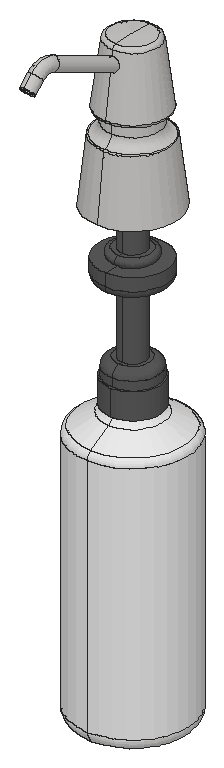
Revit family
Parameters (values of type "B-823")
  Width = 2 9/16"
  Warranty Information = "3 Year Limited Warranty"
  URL = "http://www.bobrick.com/"
  Specification = "Top-fill counter-mounted manual foam soap dispenser shall dispense 7ml of foam using 0.5ml of commercially marketed foam soaps. Cover shall be constructed of durable die-cast zinc with bright polish finish. Spout assembly shall be type-304 stainless steel with bright polished finish. Dispenser shall be equipped with integrated funnel to facilitate re-filling of soap. Spout shall rotate 360° without damage to valve mechanism. Valve shall be operable with one hand and with less than 5 pounds of force (22.2 N) to comply with accessible design (including ADAAG in U.S.A.). Escutcheon shall lock to body with concealed locking mechanism that is opened with special key provided. Foam Dispensing assembly shall be removable from top for filling and maintenance. Shank shall accommodate mounting thicknesses up to 3'' (76mm). Translucent, shatter-resistant polyethylene container shall have a capacity of 34-fl oz (1.0-L)."
  Product Page URL = "http://www.bobrick.com/washroomaccessories/Pages/Products.aspx?Category%3dCounter-Mounted+Soap+Dispensers"
  Price = "Prices may vary. Please consult Manufacturer Representative for most up-to-date price list."  # constant formula
  Model = "B-823"
  Material = "Stainless Steel-Bobrick-Polished"
  Manufacturer = "Bobrick Washroom Equipment, Inc"
  Length = 4"
  Installation Type = "Counter-Mounted"
  Height = 5 1/4"
  Description = "Bobrick Top-Fill Counter-Mounted Manual Foam Soap Dispenser"
  Default Elevation = 0"
  Creation Date = "1/12/2015"  # constant formula
  Assembly Code = "C1030210"
  ADA Compliant = yes
Reference planes (in)
  plane 1 "Center (Front/Back)": y = 0
  plane 2: z = 0
  plane 3 "Center (Left/Right)": x = 0
  plane 4: z = 5.25
  plane 5: z = 4.5
  plane 6: y = -4
  plane 7: z = -13.5625
  plane 8: z = -3
  plane 9: y = -1.28125
  plane 10: y = 1.28125
  plane 11: z = -4
  plane 12: y = 1.65625
  plane 13: y = -1.65625
Forms (in)
  Revolve 1, solid, material "ABS Plastic-Bobrick-White"
    sketch origin (0, 0, 0) x (0, 1, 0) y (0, 0, 1)
      loop
        line (0, -13.5625) -> (1.28125, -13.5625)
        arc (1.28125, -13.5625) -> (1.54642, -13.45267) -> (1.65625, -13.1875) r 0.375
        line (1.65625, -13.1875) -> (1.65625, -6.04359)
        arc (1.65625, -6.04359) -> (1.62276, -5.91859) -> (1.53125, -5.82709) r 0.25
        line (1.53125, -5.82709) -> (0.87682, -5.44925)
        arc (0.87682, -5.44925) -> (0.76775, -5.36332) -> (0.6875, -5.25) r 0.48489
        line (0.6875, -5.25) -> (0.8125, -5.25) -> (0.8125, -4.5) -> (0.75, -4.5) -> (0.75, -4.25)
        arc (0.75, -4.25) -> (0.67678, -4.07322) -> (0.5, -4) r 0.25
        line (0.5, -4) -> (0.375, -4) -> (0.375, -2) -> (0.75, -2)
        arc (0.75, -2) -> (0.92678, -1.92678) -> (1, -1.75) r 0.25
        line (1, -1.75) -> (1, -1.375) -> (0.5253, -1.375)
        arc (0.5253, -1.375) -> (0.6503, -1.25) -> (0.5253, -1.125) r 0.125
        line (0.5253, -1.125) -> (0.375, -1.125) -> (0.375, 0) -> (0, 0) -> (0, -13.5625)
      axis (0, -13.5625) -> (0, 0)
    angle from 0 to 360
  Sweep 2, solid, material "Stainless Steel-Bobrick-Polished"
    path origin (0, 0.08781, -0.09162) x (0, 1, 0) y (0, 0, 1)
      loop
        line (-0.54964, 4.19464) -> (-2.97775, 5.2757)
        arc (-2.97775, 5.2757) -> (-3.4064, 5.33213) -> (-3.79662, 5.146) r 0.76113
        line (-3.79662, 5.146) -> (-4.08781, 4.88382)
    profile origin (0, -1.67588, 4.64355) x (0, -0.406737, -0.913545) y (1, 0, 0)
      loop
        circle (0.2, 0) r 0.2
      loop
        circle (0.2, 0) r 0.16875
  Revolve 3, solid, material "Stainless Steel-Bobrick-Polished"
    sketch origin (0, 0, 0) x (0, 1, 0) y (0, 0, 1)
      loop
        line (0, 0) -> (1.28125, 0) -> (1.06516, 1.84662)
        arc (1.06516, 1.84662) -> (1.05652, 1.86478) -> (1.0386, 1.87392) r 0.03125
        arc (1.0386, 1.87392) -> (0.8469, 1.9788) -> (0.77059, 2.18357) r 0.31289
        line (0.77059, 2.18357) -> (0.77059, 2.66749) -> (0.94727, 2.5625)
        arc (0.94727, 2.5625) -> (0.97085, 2.57325) -> (0.97822, 2.5981) r 0.03125
        line (0.97822, 2.5981) -> (0.72938, 4.36864)
        arc (0.72938, 4.36864) -> (0.69145, 4.4421) -> (0.61595, 4.47581) r 0.125
        arc (0.61595, 4.47581) -> (0.30824, 4.49494) -> (0, 4.50121) r 7.38964
        line (0, 4.50121) -> (0, 0)
      axis (0, 4.50121) -> (0, 0)
    angle from 0 to 360
Cuts and joins
  joined: Sweep 2, Revolve 3
Lines and regions (in)
  Masking region 1
    outline origin (0, 0, 0) x (0, 1, 0) y (0, 0, 1)
      loop
        line (-1.28125, -13.5625) -> (1.28125, -13.5625)
        arc (1.28125, -13.5625) -> (1.54642, -13.45267) -> (1.65625, -13.1875) r 0.375
        line (1.65625, -13.1875) -> (1.65625, -6.04359)
        arc (1.65625, -6.04359) -> (1.62276, -5.91859) -> (1.53125, -5.82709) r 0.25
        line (1.53125, -5.82709) -> (0.87682, -5.44925)
        arc (0.87682, -5.44925) -> (0.76775, -5.36332) -> (0.6875, -5.25) r 0.48489
        line (0.6875, -5.25) -> (0.8125, -5.25) -> (0.8125, -4.5) -> (0.75, -4.5) -> (0.75, -4.25)
        arc (0.75, -4.25) -> (0.67678, -4.07322) -> (0.5, -4) r 0.25
        line (0.5, -4) -> (0.375, -4) -> (0.375, -2) -> (0.75, -2)
        arc (0.75, -2) -> (0.92678, -1.92678) -> (1, -1.75) r 0.25
        line (1, -1.75) -> (1, -1.375) -> (0.5253, -1.375)
        arc (0.5253, -1.375) -> (0.6503, -1.25) -> (0.5253, -1.125) r 0.125
        line (0.5253, -1.125) -> (0.375, -1.125) -> (0.375, 0) -> (1.28125, 0) -> (1.06516, 1.84662)
        arc (1.06516, 1.84662) -> (1.05652, 1.86478) -> (1.0386, 1.87392) r 0.03125
        arc (1.0386, 1.87392) -> (0.8469, 1.9788) -> (0.77059, 2.18357) r 0.31289
        line (0.77059, 2.18357) -> (0.77059, 2.5625) -> (0.94727, 2.5625)
        arc (0.94727, 2.5625) -> (0.97085, 2.57325) -> (0.97822, 2.5981) r 0.03125
        line (0.97822, 2.5981) -> (0.72938, 4.36864)
        arc (0.72938, 4.36864) -> (0.69145, 4.4421) -> (0.61595, 4.47581) r 0.125
        arc (0.61595, 4.47581) -> (0.00629, 4.50121) -> (-0.60339, 4.47622) r 7.38964
        arc (-0.60339, 4.47622) -> (-0.68677, 4.4463) -> (-0.72938, 4.36864) r 0.125
        line (-0.72938, 4.36864) -> (-0.74876, 4.23077) -> (-2.88901, 5.18367)
        arc (-2.88901, 5.18367) -> (-3.31854, 5.24022) -> (-3.70957, 5.05371) r 0.7627
        line (-3.70957, 5.05371) -> (-4, 4.7922) -> (-3.73235, 4.49494) -> (-3.44293, 4.75554)
        arc (-3.44293, 4.75554) -> (-3.2559, 4.84475) -> (-3.05046, 4.8177) r 0.36479
        line (-3.05046, 4.8177) -> (-0.80667, 3.8187) -> (-0.97822, 2.5981)
        arc (-0.97822, 2.5981) -> (-0.97085, 2.57325) -> (-0.94727, 2.5625) r 0.03125
        line (-0.94727, 2.5625) -> (-0.77059, 2.5625) -> (-0.77059, 2.18357)
        arc (-0.77059, 2.18357) -> (-0.8469, 1.9788) -> (-1.0386, 1.87392) r 0.31289
        arc (-1.0386, 1.87392) -> (-1.05652, 1.86478) -> (-1.06516, 1.84662) r 0.03125
        line (-1.06516, 1.84662) -> (-1.28125, 0) -> (-0.375, 0) -> (-0.375, -1.125) -> (-0.5253, -1.125)
        arc (-0.5253, -1.125) -> (-0.6503, -1.25) -> (-0.5253, -1.375) r 0.125
        line (-0.5253, -1.375) -> (-1, -1.375) -> (-1, -1.75)
        arc (-1, -1.75) -> (-0.92678, -1.92678) -> (-0.75, -2) r 0.25
        line (-0.75, -2) -> (-0.375, -2) -> (-0.375, -4) -> (-0.5, -4)
        arc (-0.5, -4) -> (-0.67678, -4.07322) -> (-0.75, -4.25) r 0.25
        line (-0.75, -4.25) -> (-0.75, -4.5) -> (-0.8125, -4.5) -> (-0.8125, -5.25) -> (-0.6875, -5.25)
        arc (-0.6875, -5.25) -> (-0.76775, -5.36332) -> (-0.87682, -5.44925) r 0.48489
        line (-0.87682, -5.44925) -> (-1.53125, -5.82709)
        arc (-1.53125, -5.82709) -> (-1.62276, -5.91859) -> (-1.65625, -6.04359) r 0.25
        line (-1.65625, -6.04359) -> (-1.65625, -13.1875)
        arc (-1.65625, -13.1875) -> (-1.54642, -13.45267) -> (-1.28125, -13.5625) r 0.375
  Masking region 2
    outline origin (0, 0, 0) x (1, 0, 0) y (0, 1, 0)
      loop
        line (-0.2, -1.26554) -> (-0.2, -3.86617)
        spline (-0.2, -3.86617) -> (-0.19319, -3.90081) -> (-0.17321, -3.93309) -> (-0.14142, -3.9608) -> (-0.1, -3.98207) -> (-0.05176, -3.99544) -> (0, -4) -> (0.05176, -3.99544) -> (0.1, -3.98207) -> (0.14142, -3.9608) -> (0.17321, -3.93309) -> (0.19319, -3.90081) -> (0.2, -3.86617)
        line (0.2, -3.86617) -> (0.2, -1.26554)
        arc (0.2, -1.26554) -> (0, 1.28125) -> (-0.2, -1.26554) r 1.28125
  Masking region 3
    outline origin (0, 0, 0) x (1, 0, 0) y (0, 0, 1)
      loop
        arc (1.28125, -13.5625) -> (1.54642, -13.45267) -> (1.65625, -13.1875) r 0.375
        line (1.65625, -13.1875) -> (1.65625, -6.04359)
        arc (1.65625, -6.04359) -> (1.62276, -5.91859) -> (1.53125, -5.82709) r 0.25
        line (1.53125, -5.82709) -> (0.87682, -5.44925)
        arc (0.87682, -5.44925) -> (0.76775, -5.36332) -> (0.6875, -5.25) r 0.48489
        line (0.6875, -5.25) -> (0.8125, -5.25) -> (0.8125, -4.5) -> (0.75, -4.5) -> (0.75, -4.25)
        arc (0.75, -4.25) -> (0.67678, -4.07322) -> (0.5, -4) r 0.25
        line (0.5, -4) -> (0.375, -4) -> (0.375, -2) -> (0.75, -2)
        arc (0.75, -2) -> (0.92678, -1.92678) -> (1, -1.75) r 0.25
        line (1, -1.75) -> (1, -1.375) -> (0.5253, -1.375)
        arc (0.5253, -1.375) -> (0.6503, -1.25) -> (0.5253, -1.125) r 0.125
        line (0.5253, -1.125) -> (0.375, -1.125) -> (0.375, 0) -> (1.28125, 0) -> (1.06516, 1.84662)
        arc (1.06516, 1.84662) -> (1.05652, 1.86478) -> (1.0386, 1.87392) r 0.03125
        arc (1.0386, 1.87392) -> (0.8469, 1.9788) -> (0.77059, 2.18357) r 0.31289
        line (0.77059, 2.18357) -> (0.77059, 2.5625) -> (0.94727, 2.5625)
        arc (0.94727, 2.5625) -> (0.97085, 2.57325) -> (0.97822, 2.5981) r 0.03125
        line (0.97822, 2.5981) -> (0.80667, 3.8187) -> (0.72938, 4.36864)
        arc (0.72938, 4.36864) -> (0.68677, 4.4463) -> (0.60339, 4.47622) r 0.125
        arc (0.60339, 4.47622) -> (0.40185, 4.49007) -> (0.2, 4.4984) r 7.38964
        line (0.2, 4.4984) -> (0.2, 5.04982)
        arc (0.2, 5.04982) -> (0, 5.24982) -> (-0.2, 5.04982) r 0.2
        line (-0.2, 5.04982) -> (-0.2, 4.64357) -> (-0.2, 4.49861)
        arc (-0.2, 4.49861) -> (-0.40814, 4.49014) -> (-0.61595, 4.47581) r 7.38964
        arc (-0.61595, 4.47581) -> (-0.69145, 4.4421) -> (-0.72938, 4.36864) r 0.125
        line (-0.72938, 4.36864) -> (-0.97822, 2.5981)
        arc (-0.97822, 2.5981) -> (-0.97085, 2.57325) -> (-0.94727, 2.5625) r 0.03125
        line (-0.94727, 2.5625) -> (-0.77059, 2.5625) -> (-0.77059, 2.18357)
        arc (-0.77059, 2.18357) -> (-0.8469, 1.9788) -> (-1.0386, 1.87392) r 0.31289
        arc (-1.0386, 1.87392) -> (-1.05652, 1.86478) -> (-1.06516, 1.84662) r 0.03125
        line (-1.06516, 1.84662) -> (-1.28125, 0) -> (-0.375, 0) -> (-0.375, -1.125) -> (-0.5253, -1.125)
        arc (-0.5253, -1.125) -> (-0.6503, -1.25) -> (-0.5253, -1.375) r 0.125
        line (-0.5253, -1.375) -> (-1, -1.375) -> (-1, -1.75)
        arc (-1, -1.75) -> (-0.92678, -1.92678) -> (-0.75, -2) r 0.25
        line (-0.75, -2) -> (-0.375, -2) -> (-0.375, -4) -> (-0.5, -4)
        arc (-0.5, -4) -> (-0.67678, -4.07322) -> (-0.75, -4.25) r 0.25
        line (-0.75, -4.25) -> (-0.75, -4.5) -> (-0.8125, -4.5) -> (-0.8125, -5.25) -> (-0.6875, -5.25)
        arc (-0.6875, -5.25) -> (-0.76775, -5.36332) -> (-0.87682, -5.44925) r 0.48489
        line (-0.87682, -5.44925) -> (-1.53125, -5.82709)
        arc (-1.53125, -5.82709) -> (-1.62276, -5.91859) -> (-1.65625, -6.04359) r 0.25
        line (-1.65625, -6.04359) -> (-1.65625, -13.1875)
        arc (-1.65625, -13.1875) -> (-1.54642, -13.45267) -> (-1.28125, -13.5625) r 0.375
        line (-1.28125, -13.5625) -> (1.28125, -13.5625)
  symbolic lines, detail levels medium+fine
    curve 1: line (0, 0.77059, 2.5625) -> (0, -0.77059, 2.5625)
    curve 2: line (0, 0.375, 0) -> (0, -0.375, 0)
    curve 3: arc (0, -0.74876, 4.23077) -> (0, -0.7288, 4.01786) -> (0, -0.80667, 3.8187) r 0.46286
    curve 4: line (0, 0.5253, -1.375) -> (0, -0.5253, -1.375)
    curve 5: line (0, 0.375, -2) -> (0, -0.343, -2)
    curve 6: line (0, 0.4375, -4) -> (0, -0.40625, -4)
    curve 7: line (0, -0.6875, -5.25) -> (0, 0.6875, -5.25)
    curve 35: line (-0.2, -1.26554, 0) -> (-0.2, -0.72284, 0)
    curve 36: line (0.2, -1.26554, 0) -> (0.2, -0.72284, 0)
    curve 37: circle (0, 0, 0) r 0.75 normal (0, 0, 1)
    curve 38: spline (-0.2, 0, 4.64357) -> (-0.19319, 0, 4.60511) -> (-0.17321, 0, 4.56926) -> (-0.14142, 0, 4.53848) -> (-0.1, 0, 4.51486) -> (-0.05176, 0, 4.50001) -> (0, 0, 4.49494) -> (0.05176, 0, 4.50001) -> (0.1, 0, 4.51486) -> (0.14142, 0, 4.53848) -> (0.17321, 0, 4.56926) -> (0.19319, 0, 4.60511) -> (0.2, 0, 4.64357) -> (0.19319, 0, 4.68204) -> (0.17321, 0, 4.71789) -> (0.14142, 0, 4.74867) -> (0.1, 0, 4.77229) -> (0.05176, 0, 4.78714) -> (0, 0, 4.7922) -> (-0.05176, 0, 4.78714) -> (-0.1, 0, 4.77229) -> (-0.14142, 0, 4.74867) -> (-0.17321, 0, 4.71789) -> (-0.19319, 0, 4.68204) -> (-0.2, 0, 4.64357)
    curve 39: spline (-0.16875, 0, 4.64357) -> (-0.163, 0, 4.67603) -> (-0.14614, 0, 4.70628) -> (-0.11932, 0, 4.73225) -> (-0.08437, 0, 4.75218) -> (-0.04368, 0, 4.76471) -> (0, 0, 4.76898) -> (0.04368, 0, 4.76471) -> (0.08438, 0, 4.75218) -> (0.11932, 0, 4.73225) -> (0.14614, 0, 4.70628) -> (0.163, 0, 4.67603) -> (0.16875, 0, 4.64357) -> (0.163, 0, 4.61112) -> (0.14614, 0, 4.58087) -> (0.11932, 0, 4.5549) -> (0.08438, 0, 4.53497) -> (0.04368, 0, 4.52244) -> (0, 0, 4.51817) -> (-0.04368, 0, 4.52244) -> (-0.08437, 0, 4.53497) -> (-0.11932, 0, 4.5549) -> (-0.14614, 0, 4.58087) -> (-0.163, 0, 4.61112) -> (-0.16875, 0, 4.64357)
    curve 40: line (-0.19999, 0, 4.49869) -> (-0.19999, 0, 4.0207)
    curve 41: line (0.19999, 0, 4.49869) -> (0.19999, 0, 4.0207)
    curve 42: arc (-0.19999, 0, 4.0207) -> (0, 0, 3.82071) -> (0.19999, 0, 4.0207) r 0.19999
    curve 43: line (-0.77059, 0, 2.5625) -> (0.77059, 0, 2.5625)
    curve 44: line (-0.375, 0, 0) -> (0.375, 0, 0)
    curve 45: line (-0.5253, 0, -1.375) -> (0.5253, 0, -1.375)
    curve 46: line (0.375, 0, -2) -> (-0.375, 0, -2)
    curve 47: line (-0.40625, 0, -4) -> (0.40625, 0, -4)
    curve 48: line (-0.6875, 0, -5.25) -> (0.6875, 0, -5.25)
  symbolic lines, detail levels fine
    curve 8: line (0, 0.75, -4.5) -> (0, 0.4375, -4.5)
    curve 9: line (0, 0.375, -1.125) -> (0, -0.375, -1.125)
    curve 10: line (0, 1.0386, 1.87392) -> (0, -1.0386, 1.87392)
    curve 11: line (0, 0.625, -1.75) -> (0, 0.625, -1.40625)
    curve 12: arc (0, 0.375, -2) -> (0, 0.55178, -1.92678) -> (0, 0.625, -1.75) r 0.25
    curve 13: line (0, 0.593, -1.75) -> (0, 0.593, -1.40625)
    curve 14: arc (0, 0.343, -2) -> (0, 0.51978, -1.92678) -> (0, 0.593, -1.75) r 0.25
    curve 15: line (0, -0.625, -1.75) -> (0, -0.625, -1.40625)
    curve 16: line (0, -0.593, -1.75) -> (0, -0.593, -1.40625)
    curve 17: arc (0, -0.343, -2) -> (0, -0.51978, -1.92678) -> (0, -0.593, -1.75) r 0.25
    curve 18: arc (0, -0.375, -2) -> (0, -0.55178, -1.92678) -> (0, -0.625, -1.75) r 0.25
    curve 19: line (0, 0.01637, -2) -> (0, 0.01637, -1.40625)
    curve 20: line (0, -0.01563, -2) -> (0, -0.01563, -1.40625)
    curve 21: line (0, 1, -1.40625) -> (0, 0.625, -1.40625)
    curve 22: line (0, 0.4375, -4) -> (0, 0.4375, -4.5)
    curve 23: line (0, 0.40625, -4) -> (0, 0.40625, -4.5)
    curve 24: line (0, -0.4375, -4) -> (0, -0.4375, -4.5)
    curve 25: line (0, -0.40625, -4) -> (0, -0.40625, -4.5)
    curve 26: line (0, -0.0161, -4) -> (0, -0.0161, -4.5)
    curve 27: line (0, 0.01515, -4) -> (0, 0.01515, -4.5)
    curve 28: line (0, 0.40625, -4.5) -> (0, 0.01515, -4.5)
    curve 29: line (0, -0.0161, -4.5) -> (0, -0.40625, -4.5)
    curve 30: line (0, -0.4375, -4.5) -> (0, -0.75, -4.5)
    curve 31: line (0, 0.593, -1.40625) -> (0, 0.01637, -1.40625)
    curve 32: line (0, -0.01563, -1.40625) -> (0, -0.593, -1.40625)
    curve 33: line (0, -0.625, -1.40625) -> (0, -1, -1.40625)
    curve 34: arc (0.2, -0.9798, 0) -> (0, 1, 0) -> (-0.2, -0.9798, 0) r 1
    curve 49: line (-0.75, 0, -4.5) -> (-0.43825, 0, -4.5)
    curve 50: line (-1.0386, 0, 1.87392) -> (1.0386, 0, 1.87392)
    curve 51: line (-0.375, 0, -1.125) -> (0.375, 0, -1.125)
    curve 52: line (1, 0, -1.40625) -> (0.625, 0, -1.40625)
    curve 53: line (-0.625, 0, -1.40625) -> (-0.625, 0, -1.75)
    curve 54: arc (-0.625, 0, -1.75) -> (-0.55178, 0, -1.92678) -> (-0.375, 0, -2) r 0.25
    curve 55: line (-0.5927, 0, -1.40625) -> (-0.5927, 0, -1.75)
    curve 56: arc (-0.5927, 0, -1.75) -> (-0.51948, 0, -1.92678) -> (-0.3427, 0, -2) r 0.25
    curve 57: line (0.625, 0, -1.40625) -> (0.625, 0, -1.75)
    curve 58: arc (0.625, 0, -1.75) -> (0.55178, 0, -1.92678) -> (0.375, 0, -2) r 0.25
    curve 59: line (0.593, 0, -1.40625) -> (0.593, 0, -1.75)
    curve 60: arc (0.593, 0, -1.75) -> (0.51978, 0, -1.92678) -> (0.343, 0, -2) r 0.25
    curve 61: line (0.01552, 0, -1.40625) -> (0.01552, 0, -2)
    curve 62: line (-0.01648, 0, -1.40625) -> (-0.01648, 0, -2)
    curve 63: line (-0.625, 0, -1.40625) -> (-1, 0, -1.40625)
    curve 64: line (-0.01648, 0, -1.40625) -> (-0.5927, 0, -1.40625)
    curve 65: line (0.593, 0, -1.40625) -> (0.01552, 0, -1.40625)
    curve 66: line (0.01552, 0, -4) -> (0.01552, 0, -4.5)
    curve 67: line (-0.01648, 0, -4) -> (-0.01648, 0, -4.5)
    curve 68: line (-0.40625, 0, -4) -> (-0.40625, 0, -4.5)
    curve 69: line (-0.43825, 0, -4) -> (-0.43825, 0, -4.5)
    curve 70: line (0.40625, 0, -4) -> (0.40625, 0, -4.5)
    curve 71: line (0.43825, 0, -4) -> (0.43825, 0, -4.5)
    curve 72: line (-0.40625, 0, -4.5) -> (-0.01648, 0, -4.5)
    curve 73: line (0.01552, 0, -4.5) -> (0.40625, 0, -4.5)
    curve 74: line (0.43825, 0, -4.5) -> (0.75, 0, -4.5)
Dimensions and locks (in)
  "Height": plane 4 to level
  "Length": plane 1 "Center (Front/Back)" to plane 6
  plane 5 to level to plane 7 = 4 1/2", 13 9/16"
  plane 7 to plane 11 = 9 9/16"
  "Width": plane 10 to plane 9
  plane 12 to plane 13 = 3 5/16"
Automatic sketch dimensions
  Revolve 1 sketch curve to plane 1 "Center (Front/Back)" = 0"  (x2)
  Revolve 1 sketch curve to plane 11 = 0"
  Revolve 1 sketch curve to level = 0"
  plane 7 to Revolve 1 sketch curve = 0"
  Revolve 1 sketch curve to plane 10 = 0"
  Revolve 1 sketch curve to plane 12 = 0"
  Revolve 1 sketch curve to plane 1 "Center (Front/Back)" = 3/8"  (x2)
  Revolve 1 sketch curve to Revolve 1 sketch curve = 1/8"  (x3)
  Revolve 1 sketch curve to Revolve 1 sketch curve = 0.1503"
  Revolve 1 sketch curve to Revolve 1 sketch curve = 0"  (x2)
  Revolve 1 sketch curve to plane 10 = 19/32"
  Revolve 1 sketch curve to Revolve 1 sketch curve = 1/4"  (x3)
  Revolve 1 sketch curve to Revolve 1 sketch curve = 3/8"  (x2)
  Revolve 1 sketch curve to Revolve 1 sketch curve = 0.06432"
  Revolve 1 sketch curve to plane 10 = 9/32"
  Revolve 1 sketch curve to plane 10 = 0.16199"
  plane 10 to Revolve 1 sketch curve = 1/8"
  Revolve 1 sketch curve to plane 12 = 1/8"
  Revolve 1 sketch curve to Revolve 1 sketch curve = 1.79359"
  Revolve 1 sketch curve to Revolve 1 sketch curve = 0.37784"
  Revolve 1 sketch curve to Revolve 1 sketch curve = 0.19925"
  plane 11 to Revolve 1 sketch curve = 0.39154"
  Revolve 1 sketch curve to plane 8 = 1"
  Sweep 2 sketch curve to plane 6 = 0"
  Sweep 2 sketch curve to plane 6 = 0.29119"
  Sweep 2 sketch curve to plane 5 = 0.01124"
  Sweep 2 sketch curve to Sweep 2 sketch curve = 0.50929"
  Sweep 2 sketch curve to plane 4 = 0.06591"
  Sweep 2 sketch curve to Sweep 2 sketch curve = 0.30958"
  plane 1 "Center (Front/Back)" to Sweep 2 sketch curve = 0.46183"
  Sweep 2 sketch curve to plane 5 = 0.39698"
  plane 5 to Sweep 2 sketch curve = 0.2922"
  Sweep 2 sketch curve to Sweep 2 sketch curve = 0"  (x2)
  Sweep 2 sketch curve to plane 3 "Center (Left/Right)" = 0"
  Sweep 2 sketch curve to profile plane = 0.2"
  Masking region 1 sketch curve to plane 6 = 0"
  Masking region 1 sketch curve to plane 13 = 0"
  plane 7 to Masking region 1 sketch curve = 0"
  Masking region 1 sketch curve to plane 9 = 0"  (x2)
  Masking region 1 sketch curve to level = 0"  (x2)
  Masking region 1 sketch curve to plane 11 = 0"  (x2)
  Masking region 1 sketch curve to plane 10 = 0"  (x2)
  Masking region 1 sketch curve to plane 12 = 0"
  Masking region 1 sketch curve to plane 5 = 0.00506"
  Masking region 1 sketch curve to plane 6 = 0.26765"
  Masking region 1 sketch curve to plane 4 = 0.19629"
  Masking region 1 sketch curve to Masking region 1 sketch curve = 0.29043"
  plane 5 to Masking region 1 sketch curve = 0.25554"
  Masking region 1 sketch curve to plane 5 = 0.01309"
  Masking region 1 sketch curve to Masking region 1 sketch curve = 0.2437"
  Masking region 1 sketch curve to Masking region 1 sketch curve = 0.00039"
  plane 5 to Masking region 1 sketch curve = 0.3177"
  Masking region 1 sketch curve to Masking region 1 sketch curve = 0.14876"
  Masking region 1 sketch curve to plane 4 = 0.06633"
  Masking region 1 sketch curve to plane 13 = 1/8"
  plane 9 to Masking region 1 sketch curve = 1/8"
  Masking region 1 sketch curve to plane 9 = 0.16199"
  Masking region 1 sketch curve to plane 9 = 0.19778"
  Masking region 1 sketch curve to plane 9 = 0.21609"
  Masking region 1 sketch curve to Masking region 1 sketch curve = 0.02656"
  Masking region 1 sketch curve to Masking region 1 sketch curve = 0"  (x7)
  Masking region 1 sketch curve to Masking region 1 sketch curve = 0.00448"  (x2)
  Masking region 1 sketch curve to plane 9 = 9/32"
  Masking region 1 sketch curve to plane 9 = 0.30303"
  Masking region 1 sketch curve to Masking region 1 sketch curve = 0.03095"  (x2)
  Masking region 1 sketch curve to plane 9 = 0.40443"
  Masking region 1 sketch curve to plane 9 = 15/32"
  Masking region 1 sketch curve to plane 9 = 0.47458"
  Masking region 1 sketch curve to Masking region 1 sketch curve = 0.17668"  (x2)
  Masking region 1 sketch curve to Masking region 1 sketch curve = 1/4"  (x4)
  Masking region 1 sketch curve to Masking region 1 sketch curve = 1/16"
  Masking region 1 sketch curve to Masking region 1 sketch curve = 0.05791"
  Masking region 1 sketch curve to plane 5 = 0.13136"  (x2)
  Masking region 1 sketch curve to Masking region 1 sketch curve = 0.01938"
  Masking region 1 sketch curve to Masking region 1 sketch curve = 1/8"  (x5)
  Masking region 1 sketch curve to Masking region 1 sketch curve = 0.12378"
  Masking region 1 sketch curve to plane 5 = 0.02378"
  Masking region 1 sketch curve to Masking region 1 sketch curve = 0.00221"
  Masking region 1 sketch curve to Masking region 1 sketch curve = 0.4747"
  Masking region 1 sketch curve to plane 11 = 1/4"
  plane 1 "Center (Front/Back)" to Masking region 1 sketch curve = 3/8"  (x2)
  Masking region 1 sketch curve to plane 1 "Center (Front/Back)" = 0.0038"
  Masking region 1 sketch curve to plane 1 "Center (Front/Back)" = 3/8"  (x2)
  Masking region 1 sketch curve to Masking region 1 sketch curve = 0.1503"
  Masking region 1 sketch curve to plane 5 = 0.14876"
  Masking region 1 sketch curve to plane 1 "Center (Front/Back)" = 0.6056"
  Masking region 1 sketch curve to plane 5 = 0.02419"
  Masking region 1 sketch curve to Masking region 1 sketch curve = 0.01035"
  Masking region 1 sketch curve to plane 10 = 19/32"
  Masking region 1 sketch curve to Masking region 1 sketch curve = 3/8"  (x3)
  Masking region 1 sketch curve to plane 10 = 0.51066"
  Masking region 1 sketch curve to Masking region 1 sketch curve = 0.06432"
  Masking region 1 sketch curve to plane 10 = 9/32"
  Masking region 1 sketch curve to plane 10 = 0.24713"
  Masking region 1 sketch curve to Masking region 1 sketch curve = 0.03104"
  Masking region 1 sketch curve to plane 10 = 0.19778"
  Masking region 1 sketch curve to plane 10 = 0.16199"
  plane 10 to Masking region 1 sketch curve = 1/8"
  Masking region 1 sketch curve to plane 12 = 1/8"
  Masking region 1 sketch curve to Masking region 1 sketch curve = 1.79359"  (x2)
  Masking region 1 sketch curve to Masking region 1 sketch curve = 0.37784"  (x2)
  Masking region 1 sketch curve to Masking region 1 sketch curve = 0.19925"  (x2)
  Masking region 1 sketch curve to Masking region 1 sketch curve = 0.88843"
  level to Masking region 1 sketch curve = 1.84299"
  Masking region 1 sketch curve to Masking region 1 sketch curve = 0.34058"
  Masking region 1 sketch curve to Masking region 1 sketch curve = 0.37893"  (x2)
  Masking region 1 sketch curve to Masking region 1 sketch curve = 1/32"  (x2)
  Masking region 1 sketch curve to Masking region 1 sketch curve = 0.54994"
  Masking region 1 sketch curve to Masking region 1 sketch curve = 0.13787"
  curve 24 to plane 11 = 0"
  curve 6 to plane 11 = 0"
  curve 2 to level = 0"
  curve 3 to plane 9 = 0.0941"
  curve 10 to plane 9 = 0.24265"
  curve 33 to plane 9 = 9/32"
  curve 3 to curve 3 = 0.38048"
  curve 1 to plane 9 = 0.51066"
  curve 30 to plane 9 = 17/32"
  curve 3 to plane 5 = 0.26923"
  curve 3 to curve 3 = 0.05791"
  curve 7 to plane 9 = 19/32"
  curve 33 to curve 18 = 3/8"
  curve 15 to curve 32 = 0.032"
  curve 16 to curve 4 = 0.0677"
  curve 30 to curve 30 = 5/16"
  curve 24 to curve 6 = 1/32"
  curve 16 to curve 18 = 0.218"
  plane 1 "Center (Front/Back)" to curve 2 = 3/8"
  curve 4 to curve 9 = 0.1503"
  curve 18 to curve 5 = 0.032"
  curve 18 to curve 17 = 0.032"
  plane 1 "Center (Front/Back)" to curve 26 = 0.0161"
  plane 1 "Center (Front/Back)" to curve 32 = 1/64"
  curve 28 to plane 1 "Center (Front/Back)" = 0.01515"
  curve 19 to plane 1 "Center (Front/Back)" = 0.01637"
  curve 19 to curve 14 = 0.32662"
  curve 9 to plane 1 "Center (Front/Back)" = 3/8"
  curve 14 to curve 12 = 0.032"
  curve 2 to plane 1 "Center (Front/Back)" = 3/8"
  curve 27 to curve 28 = 0.3911"
  curve 23 to curve 6 = 1/32"
  curve 9 to curve 4 = 0.1503"
  curve 4 to curve 13 = 0.0677"
  curve 13 to curve 11 = 0.032"
  curve 7 to plane 10 = 19/32"
  curve 8 to curve 8 = 5/16"
  curve 1 to plane 10 = 0.51066"
  curve 21 to plane 10 = 9/32"
  curve 10 to plane 10 = 0.24265"
  curve 8 to plane 11 = 1/2"
  curve 30 to plane 11 = 1/2"
  curve 24 to curve 29 = 0"
  curve 23 to curve 8 = 0"
  curve 7 to curve 8 = 3/4"
  curve 5 to plane 8 = 1"
  curve 18 to curve 5 = 0"
  curve 11 to curve 21 = 11/32"
  curve 13 to curve 11 = 0"
  curve 18 to curve 33 = 11/32"
  curve 15 to curve 16 = 0"
  curve 16 to curve 4 = 1/32"
  curve 4 to curve 9 = 1/4"
  level to curve 10 = 1.87392"
  curve 10 to curve 1 = 0.68858"
  curve 3 to curve 3 = 0.41207"
  plane 1 "Center (Front/Back)" to Masking region 2 sketch curve = 0"
  Masking region 2 sketch curve to plane 3 "Center (Left/Right)" = 0"
  Masking region 2 sketch curve to Masking region 2 sketch curve = 0.2"
  Masking region 2 sketch curve to plane 9 = 0.01571"
  Masking region 2 sketch curve to Masking region 2 sketch curve = 0"
  Masking region 2 sketch curve to plane 6 = 0.13383"
  curve 34 to curve 37 = 0"  (x2)
  plane 1 "Center (Front/Back)" to curve 37 = 0"
  curve 37 to plane 3 "Center (Left/Right)" = 0"
  curve 35 to plane 3 "Center (Left/Right)" = 0.2"
  curve 36 to plane 9 = 0.55841"
  curve 35 to curve 36 = 0"
  curve 36 to plane 9 = 0.01571"
  curve 35 to plane 9 = 0.01571"
  Revolve 3 sketch curve to level = 0"
  Revolve 3 sketch curve to plane 1 "Center (Front/Back)" = 0"  (x2)
  Revolve 3 sketch curve to plane 10 = 0"
  Revolve 3 sketch curve to plane 1 "Center (Front/Back)" = 0.0038"
  Revolve 3 sketch curve to plane 5 = 0.14876"
  Revolve 3 sketch curve to plane 1 "Center (Front/Back)" = 0.6056"
  Revolve 3 sketch curve to plane 5 = 0.02419"
  Revolve 3 sketch curve to Revolve 3 sketch curve = 0.01035"
  Revolve 3 sketch curve to Revolve 3 sketch curve = 0"  (x2)
  Revolve 3 sketch curve to plane 5 = 0.13136"
  Revolve 3 sketch curve to plane 10 = 0.51066"
  Revolve 3 sketch curve to Revolve 3 sketch curve = 0.17668"
  Revolve 3 sketch curve to Revolve 3 sketch curve = 0.03095"
  Revolve 3 sketch curve to plane 10 = 0.24713"
  Revolve 3 sketch curve to Revolve 3 sketch curve = 0.00448"
  Revolve 3 sketch curve to Revolve 3 sketch curve = 0.03104"
  Revolve 3 sketch curve to plane 10 = 0.19778"
  level to Revolve 3 sketch curve = 1.84299"
  Revolve 3 sketch curve to Revolve 3 sketch curve = 0.37893"
  Revolve 3 sketch curve to Revolve 3 sketch curve = 1/32"
  Revolve 3 sketch curve to Revolve 3 sketch curve = 0.07374"
  Revolve 3 sketch curve to Revolve 3 sketch curve = 0.59239"
  Revolve 3 sketch curve to Revolve 3 sketch curve = 0.46721"
  Masking region 3 sketch curve to Masking region 3 sketch curve = 0"  (x9)
  Masking region 3 sketch curve to plane 7 = 0"
  Masking region 3 sketch curve to level = 0"  (x2)
  Masking region 3 sketch curve to plane 11 = 0"  (x2)
  Masking region 3 sketch curve to plane 3 "Center (Left/Right)" = 0"
  Masking region 3 sketch curve to plane 3 "Center (Left/Right)" = 0.0038"
  Masking region 3 sketch curve to plane 3 "Center (Left/Right)" = 0.2"
  Masking region 3 sketch curve to plane 3 "Center (Left/Right)" = 3/8"  (x2)
  Masking region 3 sketch curve to Masking region 3 sketch curve = 1/8"  (x9)
  Masking region 3 sketch curve to Masking region 3 sketch curve = 0.1503"  (x2)
  Masking region 3 sketch curve to plane 5 = 0.14876"
  Masking region 3 sketch curve to Masking region 3 sketch curve = 0.4056"
  Masking region 3 sketch curve to plane 5 = 0.02419"
  Masking region 3 sketch curve to Masking region 3 sketch curve = 0.01035"
  Masking region 3 sketch curve to plane 3 "Center (Left/Right)" = 11/16"
  Masking region 3 sketch curve to plane 5 = 0.13136"  (x2)
  Masking region 3 sketch curve to Masking region 3 sketch curve = 1/4"  (x6)
  Masking region 3 sketch curve to Masking region 3 sketch curve = 0.2247"
  Masking region 3 sketch curve to plane 3 "Center (Left/Right)" = 0.77059"
  Masking region 3 sketch curve to Masking region 3 sketch curve = 0.06432"  (x2)
  Masking region 3 sketch curve to Masking region 3 sketch curve = 0.17668"  (x2)
  Masking region 3 sketch curve to Masking region 3 sketch curve = 0.03095"  (x2)
  Masking region 3 sketch curve to Masking region 3 sketch curve = 0.26353"  (x2)
  Masking region 3 sketch curve to Masking region 3 sketch curve = 0.00448"  (x2)
  Masking region 3 sketch curve to Masking region 3 sketch curve = 0.03104"  (x2)
  Masking region 3 sketch curve to Masking region 3 sketch curve = 0.04487"  (x2)
  Masking region 3 sketch curve to Masking region 3 sketch curve = 0.30676"  (x2)
  Masking region 3 sketch curve to Masking region 3 sketch curve = 29/32"  (x2)
  Masking region 3 sketch curve to plane 3 "Center (Left/Right)" = 1 9/32"
  Masking region 3 sketch curve to Masking region 3 sketch curve = 0.52943"  (x2)
  Masking region 3 sketch curve to plane 7 = 3/8"
  plane 3 "Center (Left/Right)" to Masking region 3 sketch curve = 3/8"  (x2)
  Masking region 3 sketch curve to plane 5 = 0.02378"
  Masking region 3 sketch curve to Masking region 3 sketch curve = 0.40339"
  Masking region 3 sketch curve to Masking region 3 sketch curve = 0.00221"
  plane 3 "Center (Left/Right)" to Masking region 3 sketch curve = 11/16"
  Masking region 3 sketch curve to Masking region 3 sketch curve = 0.12378"
  Masking region 3 sketch curve to Masking region 3 sketch curve = 3/8"  (x3)
  plane 3 "Center (Left/Right)" to Masking region 3 sketch curve = 0.77059"
  Masking region 3 sketch curve to Masking region 3 sketch curve = 0.07729"
  plane 3 "Center (Left/Right)" to Masking region 3 sketch curve = 1 9/32"
  Masking region 3 sketch curve to Masking region 3 sketch curve = 1.79359"  (x2)
  Masking region 3 sketch curve to Masking region 3 sketch curve = 0.37784"  (x2)
  Masking region 3 sketch curve to Masking region 3 sketch curve = 0.19925"  (x2)
  Masking region 3 sketch curve to plane 8 = 1"  (x2)
  level to Masking region 3 sketch curve = 1.84299"
  Masking region 3 sketch curve to Masking region 3 sketch curve = 0.34058"
  Masking region 3 sketch curve to Masking region 3 sketch curve = 0.37893"  (x2)
  Masking region 3 sketch curve to Masking region 3 sketch curve = 1/32"  (x2)
  Masking region 3 sketch curve to Masking region 3 sketch curve = 0.54994"
  plane 5 to Masking region 3 sketch curve = 0.14357"
  Masking region 3 sketch curve to plane 4 = 0.20018"
  curve 69 to plane 11 = 0"
  curve 68 to plane 11 = 0"
  curve 44 to level = 0"
  curve 38 to plane 3 "Center (Left/Right)" = 0"
  curve 42 to plane 3 "Center (Left/Right)" = 0"
  curve 39 to plane 3 "Center (Left/Right)" = 0"
  curve 71 to plane 11 = 0"
  curve 64 to plane 3 "Center (Left/Right)" = 0.01648"
  curve 39 to curve 38 = 0.16875"
  curve 42 to plane 3 "Center (Left/Right)" = 0.19999"
  curve 38 to curve 39 = 1/32"
  curve 56 to plane 3 "Center (Left/Right)" = 0.3427"
  curve 46 to curve 56 = 0.0323"
  curve 44 to plane 3 "Center (Left/Right)" = 3/8"
  curve 51 to plane 3 "Center (Left/Right)" = 3/8"
  curve 47 to curve 67 = 0.38977"
  curve 45 to curve 51 = 0.1503"
  curve 64 to curve 45 = 0.0674"
  curve 63 to curve 55 = 0.0323"
  curve 48 to plane 3 "Center (Left/Right)" = 11/16"
  curve 49 to curve 69 = 0.31175"
  curve 43 to plane 3 "Center (Left/Right)" = 0.77059"
  curve 63 to curve 53 = 3/8"
  curve 50 to curve 43 = 0.26801"
  plane 3 "Center (Left/Right)" to curve 61 = 0.01552"
  curve 61 to curve 60 = 0.32748"
  plane 3 "Center (Left/Right)" to curve 44 = 3/8"
  curve 60 to curve 58 = 0.032"
  plane 3 "Center (Left/Right)" to curve 51 = 3/8"
  curve 66 to curve 70 = 0.39073"
  curve 51 to curve 45 = 0.1503"
  curve 58 to curve 59 = 0.218"
  curve 59 to curve 57 = 0.032"
  plane 3 "Center (Left/Right)" to curve 48 = 11/16"
  curve 71 to curve 74 = 0.31175"
  plane 3 "Center (Left/Right)" to curve 43 = 0.77059"
  curve 52 to curve 52 = 3/8"
  curve 43 to curve 50 = 0.26801"
  curve 74 to plane 11 = 1/2"
  curve 66 to curve 67 = 0"
  curve 62 to plane 8 = 1"
  curve 56 to curve 54 = 0"
  curve 56 to curve 55 = 11/32"
  curve 60 to curve 65 = 11/32"
  curve 57 to curve 59 = 0"
  curve 53 to curve 55 = 0"
  curve 59 to curve 45 = 1/32"
  curve 45 to curve 51 = 1/4"
  level to curve 50 = 1.87392"
  curve 50 to curve 43 = 0.68858"
  curve 42 to plane 5 = 0.4793"
  curve 40 to plane 5 = 0.00131"
  curve 41 to plane 5 = 0.00131"
  plane 5 to curve 39 = 0.14357"
  curve 38 to curve 39 = 0"
  curve 48 to curve 71 = 3/4"
  curve 49 to curve 68 = 11/32"
  curve 69 to curve 72 = 0"
  plane 3 "Center (Left/Right)" to curve 73 = 0.01552"
  curve 49 to plane 3 "Center (Left/Right)" = 3/4"
  curve 70 to curve 71 = 0.032"
  curve 73 to curve 71 = 0"
  radius of Sweep 2 sketch curve = 0.2"
  radius of Sweep 2 sketch curve = 0.16875"
  radius of curve 34 = 1"
